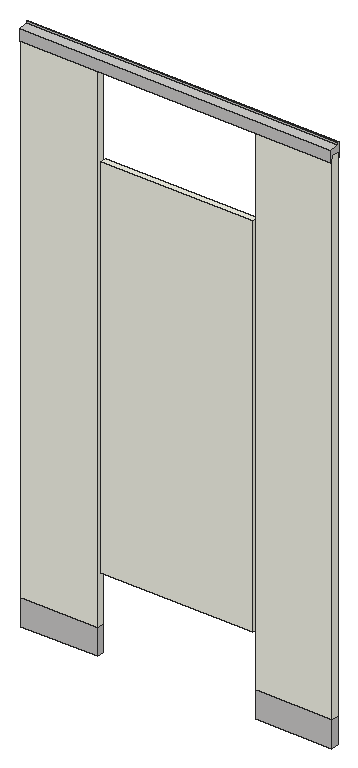
Revit family
Parameters (values of type "B1032")
  URL = "http://www.bobrick.com"
  Right Stile Headrail Value = if(Right Stile Visible, Right Stile Value, 0")  # 12"
  Partition Material = Laminated Plastic - Bobrick - Designer White
  Panel Value = if(DoorPanel Width < 1", 1", if(DoorPanel Width > 84", 84", DoorPanel Width))  # 24"
  Model = "B1032 TrimLineSeries Overhead Braced"
  Manufacturer = "Bobrick Washroom Equipment, Inc."
  Left Stile Headrail Value = if(Left Stile Visible, Left Stile Value, 0")  # 12"
  Inswing Value = if(DoorPanel Width < 22", 22", if(DoorPanel Width > 37", 37", DoorPanel Width))  # 24"
  DoorPanel Width = 24"
  Right Stile Width = 12"
  Right Stile Visible = yes
  Right Stile Value = if(Right Stile Width < 3", 3", if(Right Stile Width > 24", 24", Right Stile Width))  # 12"
  Panel = not(Door Panel)  # no
  Outswing Value = if(DoorPanel Width < 25", 25", if(DoorPanel Width > 37", 37", DoorPanel Width))  # 25"
  Outswing = and(not(Inswing Visibility), Door Panel)  # no
  Left Stile Width = 12"
  Left Stile Visible = yes
  Left Stile Value = if(Left Stile Width < 3", 3", if(Left Stile Width > 24", 24", Left Stile Width))  # 12"
  Inswing Visibility = and(Inswing, Door Panel)  # yes
  Inswing = yes
  Width Value = if(Inswing Visibility, Inswing Value, if(Outswing, Outswing Value, if(Panel, Panel Value, 36")))  # 24"
  Door Panel = yes
  Description = "Laminated Plastic Partitions And Screens With Stainless Steel Edges"
  Assembly Code = "C1030200"
  ADA Compliant = yes
Reference planes (in)
  plane 1 "Center (Front/Back)": y = 0
  plane 2: z = 0
  plane 3 "Center (Left/Right)": x = 0
  plane 4: x = -24.5
  plane 5: x = 24.5
  plane 6: y = 0.5
  plane 7: y = -0.5
  plane 8: x = -12.5
  plane 9: x = 12.5
  plane 10: x = -12
  plane 11: x = 12
  plane 12: z = 4
  plane 13: z = 12
  plane 14: z = 70
  plane 15: z = 41
  plane 16: y = 24.5
  plane 17: x = 11
  plane 18: z = 85
  plane 19: z = 83.5625
  plane 20: z = 82.8125
  plane 21: z = 84.31651
Forms (in)
  Extrusion 1, solid, material "Laminated Plastic - Bobrick - Designer White" <- "Partition Material", visible <- "Left Stile Visible"
    sketch origin (0, 0, 0) x (1, 0, 0) y (0, 1, 0)
      loop
        line (-24.5, 0.5) -> (-24.5, -0.5) -> (-12.5, -0.5) -> (-12.5, 0.5) -> (-24.5, 0.5)
    from 4 to 83.5625
  Extrusion 2, solid, material "Stainless Steel - Bobrick - Satin", visible <- "Left Stile Visible"
    sketch origin (0, 0, 0) x (1, 0, 0) y (0, 1, 0)
      loop
        line (-24.5, 0.5) -> (-24.5, -0.5) -> (-12.5, -0.5) -> (-12.5, 0.5) -> (-24.5, 0.5)
    from 0 to 4
  Extrusion 3, solid, material "Laminated Plastic - Bobrick - Designer White" <- "Partition Material"
    sketch origin (0, 0, 0) x (1, 0, 0) y (0, 1, 0)
      loop
        line (-12, 0.5) -> (-12, -0.5) -> (12, -0.5) -> (12, 0.5) -> (-12, 0.5)
    from 12 to 70
  Extrusion 4, solid, material "Laminated Plastic - Bobrick - Designer White" <- "Partition Material", visible <- "Right Stile Visible"
    sketch origin (0, 0, 0) x (-1, 0, 0) y (0, -1, 0)
      loop
        line (-24.5, -0.5) -> (-12.5, -0.5) -> (-12.5, 0.5) -> (-24.5, 0.5) -> (-24.5, -0.5)
    from 4 to 83.5625
  Extrusion 5, solid, material "Stainless Steel - Bobrick - Satin", visible <- "Right Stile Visible"
    sketch origin (0, 0, 0) x (-1, 0, 0) y (0, -1, 0)
      loop
        line (-24.5, -0.5) -> (-12.5, -0.5) -> (-12.5, 0.5) -> (-24.5, 0.5) -> (-24.5, -0.5)
    from 0 to 4
  Sweep 6, solid, material "Stainless Steel - Bobrick - Satin"
    path origin (0, 0, 0) x (1, 0, 0) y (0, 0, 1)
      loop
        line (-24.5, 85) -> (24.5, 85)
    profile origin (0, 0, 85) x (0, 0, 1) y (0, -1, 0)
      loop
        line (0, -0.5) -> (-0.25, -0.5) -> (-0.5625, 0.75) -> (-2.1875, 0.75) -> (-2.1875, 0.5) -> (-1.4375, 0.5) -> (-1.4375, -0.5) -> (-2.1875, -0.5) -> (-2.1875, -0.75) -> (0, -0.75) -> (0, -0.5)
Lines and regions (in)
  Masking region 1, visible <- "Left Stile Visible"
    outline origin (0, 0, 0) x (1, 0, 0) y (0, 0, 1)
      loop
        line (-24.5, 82.8125) -> (-24.5, 0) -> (-12.5, 0) -> (-12.5, 82.8125) -> (-24.5, 82.8125)
  Masking region 2
    outline origin (0, 0, 0) x (1, 0, 0) y (0, 0, 1)
      loop
        line (-12, 70) -> (-12, 12) -> (12, 12) -> (12, 70) -> (-12, 70)
  Masking region 3, visible <- "Right Stile Visible"
    outline origin (0, 0, 0) x (1, 0, 0) y (0, 0, 1)
      loop
        line (12.5, 82.8125) -> (12.5, 0) -> (24.5, 0) -> (24.5, 82.8125) -> (12.5, 82.8125)
  Masking region 4, visible <- "Door Panel"
    outline origin (0, 0, 0) x (1, 0, 0) y (0, 1, 0)
      loop
        line (11, 24.5) -> (11, 0.5) -> (12, 0.5) -> (12, 24.5) -> (11, 24.5)
  Masking region 5, visible <- "Left Stile Visible"
    outline origin (0, 0, 0) x (1, 0, 0) y (0, 1, 0)
      loop
        line (-24.5, 0.5) -> (-24.5, -0.5) -> (-12.5, -0.5) -> (-12.5, 0.5) -> (-24.5, 0.5)
  Masking region 6, visible <- "Right Stile Visible"
    outline origin (0, 0, 0) x (1, 0, 0) y (0, 1, 0)
      loop
        line (12.5, 0.5) -> (12.5, -0.5) -> (24.5, -0.5) -> (24.5, 0.5) -> (12.5, 0.5)
  Masking region 7, visible <- "Panel"
    outline origin (0, 0, 0) x (1, 0, 0) y (0, 1, 0)
      loop
        line (-12, -0.5) -> (12, -0.5) -> (12, 0.5) -> (-12, 0.5) -> (-12, -0.5)
  Masking region 8
    outline origin (0, 0, 0) x (0, 1, 0) y (0, 0, 1)
      loop
        line (0.5, 83.5625) -> (-0.5, 83.5625) -> (-0.5, 0) -> (0.5, 0) -> (0.5, 83.5625)
  Masking region 9
    outline origin (0, 0, 0) x (1, 0, 0) y (0, 0, 1)
      loop
        line (24.5, 85) -> (-24.5, 85) -> (-24.5, 82.8125) -> (24.5, 82.8125) -> (24.5, 85)
  Masking region 10
    outline origin (0, 0, 0) x (0, 1, 0) y (0, 0, 1)
      loop
        line (0.75, 82.8125) -> (0.75, 85) -> (0.5, 85) -> (0.5, 84.75) -> (-0.75, 84.4375) -> (-0.75, 82.8125) -> (-0.5, 82.8125) -> (-0.5, 83.5625) -> (0.5, 83.5625) -> (0.5, 82.8125) -> (0.75, 82.8125)
  symbolic lines, visible <- "Left Stile Visible"
    curve 1: line (-24.5, 0, 4) -> (-12.5, 0, 4)
  symbolic lines, visible <- "Right Stile Visible"
    curve 2: line (12.5, 0, 4) -> (24.5, 0, 4)
  symbolic lines, style "Partition Elevation Swing", visible <- "Door Panel"
    curve 3: line (-12, 0, 70) -> (12, 0, 40.89791)
    curve 4: line (12, 0, 40.89791) -> (-12, 0, 12)
    curve 5: arc (-12, 0.5, 0) -> (-4.97056, 17.47056, 0) -> (12, 24.5, 0) r 24
  symbolic lines, style "Partition"
    curve 6: line (0, 0.5, 4) -> (0, -0.5, 4)
    curve 7: line (-24.5, 0, 84.31651) -> (24.5, 0, 84.31651)
Dimensions and locks (in)
  equal spacing: host sketch curve, plane 1 "Center (Front/Back)", host sketch curve
  equal spacing: host sketch curve, plane 3 "Center (Left/Right)", host sketch curve
  host sketch curve to host sketch curve = 120"  (x2)
  locked: plane 8 to plane 10 at 0.5
  locked: plane 11 to plane 9 at 0.5
  "Width Value": plane 10 to plane 11
  equal spacing: plane 10, plane 3 "Center (Left/Right)", plane 11
  "Left Stile Value": plane 4 to plane 8
  "Right Stile Value": plane 9 to plane 5
  locked: plane 12 to level at 4
  locked: plane 13 to level at 12
  locked: plane 18 to level at 85
  locked: plane 6 to plane 7 at 1
  equal spacing: plane 6, plane 1 "Center (Front/Back)", plane 7
  equal spacing: plane 14, plane 15, plane 13
  "Width Value": plane 16 to plane 6
  locked: plane 17 to plane 11 at 1
  plane 14 to plane 13 = 58"
  "Left Stile Headrail Value": plane 8 to Sweep 6 sketch curve
  "Right Stile Headrail Value": Sweep 6 sketch curve to plane 9
  locked: plane 18 to plane 19 at 1.4375
  locked: plane 18 to plane 20 at 2.1875
  aligned and locked: level to plane 2
  aligned and locked: Extrusion 1 sketch curve to plane 6
  aligned and locked: plane 4 to Extrusion 1 sketch curve
  aligned and locked: plane 7 to Extrusion 1 sketch curve
  aligned and locked: Extrusion 1 sketch curve to plane 8
  aligned: Extrusion 1 to level
  aligned: plane 14 to Extrusion 1
  aligned and locked: Extrusion 1 to plane 12
  aligned and locked: plane 4 to Extrusion 2 sketch curve
  aligned and locked: Extrusion 2 sketch curve to plane 6
  aligned and locked: Extrusion 2 sketch curve to plane 8
  aligned and locked: plane 7 to Extrusion 2 sketch curve
  aligned and locked: plane 12 to Extrusion 2
  aligned and locked: Extrusion 2 to level
  aligned and locked: plane 10 to Extrusion 3 sketch curve
  aligned and locked: Extrusion 3 sketch curve to plane 6
  aligned and locked: plane 7 to Extrusion 3 sketch curve
  aligned and locked: Extrusion 3 sketch curve to plane 11
  aligned and locked: plane 14 to Extrusion 3
  aligned and locked: Extrusion 3 to plane 13
  aligned and locked: Extrusion 5 sketch curve to plane 9
  aligned and locked: plane 6 to Extrusion 5 sketch curve
  aligned and locked: plane 5 to Extrusion 5 sketch curve
  aligned and locked: Extrusion 5 sketch curve to plane 7
  aligned and locked: Extrusion 4 sketch curve to plane 9
  aligned and locked: plane 6 to Extrusion 4 sketch curve
  aligned and locked: Extrusion 4 sketch curve to plane 7
  aligned and locked: plane 5 to Extrusion 4 sketch curve
  aligned: plane 14 to Extrusion 4
  aligned and locked: Masking region 1 sketch curve to plane 4
  aligned and locked: Masking region 1 sketch curve to level
  aligned and locked: Masking region 1 sketch curve to plane 8
  aligned and locked: Masking region 2 sketch curve to plane 14
  aligned and locked: Masking region 2 sketch curve to plane 10
  aligned and locked: Masking region 2 sketch curve to plane 11
  aligned and locked: Masking region 2 sketch curve to plane 13
  aligned and locked: Masking region 3 sketch curve to plane 9
  aligned and locked: Masking region 3 sketch curve to plane 5
  aligned and locked: Masking region 3 sketch curve to level
  aligned and locked: curve 1 to plane 12
  aligned and locked: plane 4 to curve 1
  aligned and locked: plane 8 to curve 1
  aligned and locked: curve 2 to plane 12
  aligned and locked: plane 5 to curve 2
  aligned and locked: plane 9 to curve 2
  aligned and locked: plane 14 to curve 3
  aligned and locked: plane 10 to curve 3
  aligned and locked: plane 11 to curve 4
  aligned and locked: plane 10 to curve 4
  aligned and locked: plane 13 to curve 4
  aligned and locked: Masking region 4 sketch curve to plane 16
  aligned and locked: plane 17 to Masking region 4 sketch curve
  aligned and locked: plane 6 to Masking region 4 sketch curve
  aligned and locked: Masking region 4 sketch curve to plane 11
  aligned and locked: Masking region 5 sketch curve to plane 6
  aligned and locked: plane 4 to Masking region 5 sketch curve
  aligned and locked: plane 7 to Masking region 5 sketch curve
  aligned and locked: Masking region 5 sketch curve to plane 8
  aligned and locked: Masking region 6 sketch curve to plane 6
  aligned and locked: plane 9 to Masking region 6 sketch curve
  aligned and locked: plane 7 to Masking region 6 sketch curve
  aligned and locked: Masking region 6 sketch curve to plane 5
  aligned and locked: Masking region 4 to curve 5
  aligned and locked: plane 10 to curve 5
  aligned and locked: plane 6 to curve 5  (x2)
  aligned and locked: plane 11 to curve 5
  aligned and locked: Masking region 7 sketch curve to plane 7
  aligned and locked: Masking region 7 sketch curve to plane 10
  aligned and locked: plane 6 to Masking region 7 sketch curve
  aligned and locked: plane 11 to Masking region 7 sketch curve
  aligned and locked: level to Masking region 8 sketch curve
  aligned and locked: Masking region 8 sketch curve to plane 6
  aligned and locked: plane 7 to Masking region 8 sketch curve
  aligned and locked: plane 12 to curve 6
  aligned and locked: plane 7 to curve 6
  aligned and locked: plane 6 to curve 6
  aligned and locked: Sweep 6 sketch curve to plane 18
  aligned: Extrusion 1 to Masking region 1
  aligned: Masking region 1 sketch curve to plane 20
  aligned and locked: Masking region 3 sketch curve to plane 20
  aligned and locked: plane 19 to Extrusion 4
  aligned and locked: Masking region 9 sketch curve to plane 4
  aligned and locked: plane 5 to Masking region 9 sketch curve
  aligned and locked: plane 18 to Masking region 9 sketch curve
  aligned and locked: curve 7 to plane 21
  aligned and locked: plane 4 to curve 7
  aligned and locked: plane 5 to curve 7
  aligned and locked: plane 19 to Extrusion 1
  aligned and locked: Masking region 8 sketch curve to plane 19
  aligned and locked: plane 20 to Masking region 10 sketch curve
  aligned and locked: Masking region 10 sketch curve to Sweep 6  (x9)
  aligned and locked: Extrusion 5 to level
  aligned and locked: Extrusion 4 to plane 12
  aligned and locked: plane 12 to Extrusion 5
Automatic sketch dimensions
  curve 4 to plane 15 = 0.10209"
  profile plane to Sweep 6 sketch curve = 0"
  profile plane to Sweep 6 sketch curve = 1/4"
  profile plane to Sweep 6 sketch curve = 9/16"
  Sweep 6 sketch curve to Sweep 6 sketch curve = 7/8"
  Sweep 6 sketch curve to Sweep 6 sketch curve = 3/4"  (x2)
  Sweep 6 sketch curve to plane 1 "Center (Front/Back)" = 3/4"
  Sweep 6 sketch curve to Sweep 6 sketch curve = 1/4"  (x2)
  plane 1 "Center (Front/Back)" to Sweep 6 sketch curve = 1/2"
  plane 1 "Center (Front/Back)" to Sweep 6 sketch curve = 3/4"
  Masking region 9 sketch curve to plane 20 = 0"
  Masking region 1 sketch curve to plane 20 = 0"
